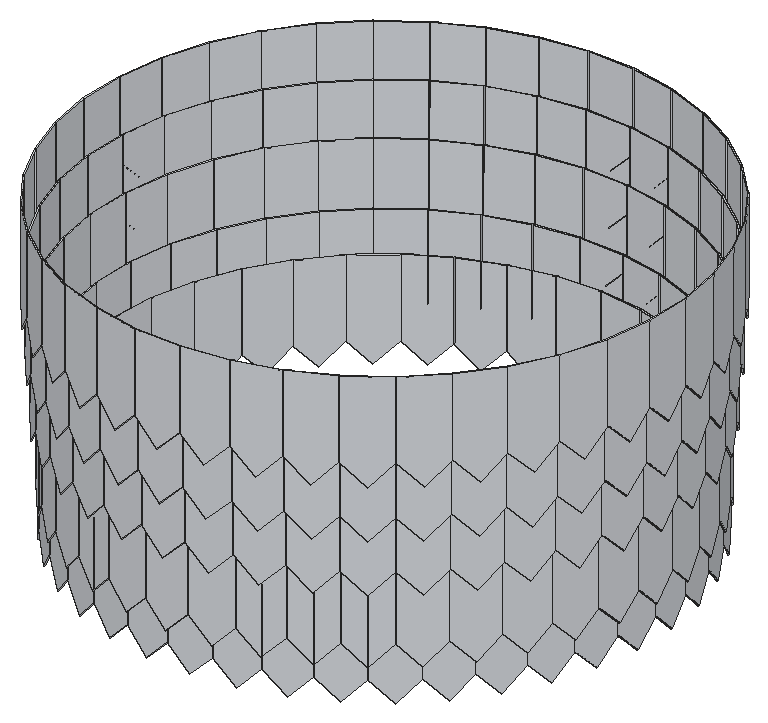
Revit family "Gen_Cultural Room Panel Cladding", category Generic Models, Revit 2022
Family settings
  Can host rebar = No
  Round Connector Dimension = Use Diameter
  Part Type = Normal
  Work Plane-Based = No
  Always vertical = Yes
  Cut with Voids When Loaded = Yes
  Maintain Annotation Orientation = No
  Shared = No
  Room Calculation Point = No
Parameters
  RadiusBASE = 3150 mm
  PanelHeight = 915 mm
  Panel Number = 40
  Material4 = none
  Material3 = none
  Material2 = none
  Material1 = none
  Material0 = none
  Height4 = 3000 mm
  Height3 = 2400 mm
  Height2 = 1800 mm
  Height1 = 1000 mm
  Height0 = 750 mm
  Default Elevation = 0 mm
  BasePanelAngle = (360.00° / Panel Number) / 2  # 4.50°
  Angle = 4.00°
Reference planes
  plane 1 "Center (Front/Back)": y = 0
  plane 2: z = 0
  plane 3 "Center (Left/Right)": x = 0
  plane 4 "Ceiling": z = 3620
Forms (mm)
  Extrusion 1, void
    sketch origin (0, 0, 0) x (1, 0, 0) y (0, 1, 0)
      loop
        line (-3911.274, 520) -> (-3911.274, -520) -> (3988.726, -520) -> (3988.726, 520) -> (-3911.274, 520)
    from 0 to 2125
Lines and regions (mm)
  reference lines
    curve 1: circle (0, 0, 0) r 3150 normal (0, 0, 1)
    curve 2: line (0, 0, 0) -> (282.453, 3588.902, 0)
Dimensions and locks
  "RadiusBASE": radius of curve 1
  "BasePanelAngle": angle curve 2 to plane 3 "Center (Left/Right)"
  aligned and locked: level to plane 2
Automatic sketch dimensions
  plane 1 "Center (Front/Back)" to curve 2 = 0 mm
  curve 2 to plane 3 "Center (Left/Right)" = 0 mm
  plane 1 "Center (Front/Back)" to curve 1 = 0 mm
  curve 1 to plane 3 "Center (Left/Right)" = 0 mm
  plane 1 "Center (Front/Back)" to Extrusion 1 sketch curve = 520 mm
  Extrusion 1 sketch curve to plane 3 "Center (Left/Right)" = 3911.274 mm
  plane 3 "Center (Left/Right)" to Extrusion 1 sketch curve = 3988.726 mm
  Extrusion 1 sketch curve to plane 1 "Center (Front/Back)" = 520 mm
Nested families
  nested 1: "Gen_Cultural Room Panel Ring" at (0, 0, 0), type "Gen_Cultural Room Panel Ring"
  nested 2: "Gen_Cultural Room Panel Ring" at (0, 0, 0) x (0.9877, -0.1564, 0) z (0, 0, 1), type "Gen_Cultural Room Panel Ring"
  nested 3: "Gen_Cultural Room Panel Ring" at (0, 0, 0) x (0.9511, -0.309, 0) z (0, 0, 1), type "Gen_Cultural Room Panel Ring"
  nested 4: "Gen_Cultural Room Panel Ring" at (0, 0, 0) x (0.891, -0.454, 0) z (0, 0, 1), type "Gen_Cultural Room Panel Ring"
  nested 5: "Gen_Cultural Room Panel Ring" at (0, 0, 0) x (0.809, -0.5878, 0) z (0, 0, 1), type "Gen_Cultural Room Panel Ring"
  nested 6: "Gen_Cultural Room Panel Ring" at (0, 0, 0) x (0.7071, -0.7071, 0) z (0, 0, 1), type "Gen_Cultural Room Panel Ring"
  nested 7: "Gen_Cultural Room Panel Ring" at (0, 0, 0) x (0.5878, -0.809, 0) z (0, 0, 1), type "Gen_Cultural Room Panel Ring"
  nested 8: "Gen_Cultural Room Panel Ring" at (0, 0, 0) x (0.454, -0.891, 0) z (0, 0, 1), type "Gen_Cultural Room Panel Ring"
  nested 9: "Gen_Cultural Room Panel Ring" at (0, 0, 0) x (0.309, -0.9511, 0) z (0, 0, 1), type "Gen_Cultural Room Panel Ring"
  nested 10: "Gen_Cultural Room Panel Ring" at (0, 0, 0) x (0.1564, -0.9877, 0) z (0, 0, 1), type "Gen_Cultural Room Panel Ring"
  nested 11: "Gen_Cultural Room Panel Ring" at (0, 0, 0) x (0, -1, 0) z (0, 0, 1), type "Gen_Cultural Room Panel Ring"
  nested 12: "Gen_Cultural Room Panel Ring" at (0, 0, 0) x (-0.1564, -0.9877, 0) z (0, 0, 1), type "Gen_Cultural Room Panel Ring"
  nested 13: "Gen_Cultural Room Panel Ring" at (0, 0, 0) x (-0.309, -0.9511, 0) z (0, 0, 1), type "Gen_Cultural Room Panel Ring"
  nested 14: "Gen_Cultural Room Panel Ring" at (0, 0, 0) x (-0.454, -0.891, 0) z (0, 0, 1), type "Gen_Cultural Room Panel Ring"
  nested 15: "Gen_Cultural Room Panel Ring" at (0, 0, 0) x (-0.5878, -0.809, 0) z (0, 0, 1), type "Gen_Cultural Room Panel Ring"
  nested 16: "Gen_Cultural Room Panel Ring" at (0, 0, 0) x (-0.7071, -0.7071, 0) z (0, 0, 1), type "Gen_Cultural Room Panel Ring"
  nested 17: "Gen_Cultural Room Panel Ring" at (0, 0, 0) x (-0.809, -0.5878, 0) z (0, 0, 1), type "Gen_Cultural Room Panel Ring"
  nested 18: "Gen_Cultural Room Panel Ring" at (0, 0, 0) x (-0.891, -0.454, 0) z (0, 0, 1), type "Gen_Cultural Room Panel Ring"
  nested 19: "Gen_Cultural Room Panel Ring" at (0, 0, 0) x (-0.9511, -0.309, 0) z (0, 0, 1), type "Gen_Cultural Room Panel Ring"
  nested 20: "Gen_Cultural Room Panel Ring" at (0, 0, 0) x (-0.9877, -0.1564, 0) z (0, 0, 1), type "Gen_Cultural Room Panel Ring"
  nested 21: "Gen_Cultural Room Panel Ring" at (0, 0, 0) x (-1, 0, 0) z (0, 0, 1), type "Gen_Cultural Room Panel Ring"
  nested 22: "Gen_Cultural Room Panel Ring" at (0, 0, 0) x (-0.9877, 0.1564, 0) z (0, 0, 1), type "Gen_Cultural Room Panel Ring"
  nested 23: "Gen_Cultural Room Panel Ring" at (0, 0, 0) x (-0.9511, 0.309, 0) z (0, 0, 1), type "Gen_Cultural Room Panel Ring"
  nested 24: "Gen_Cultural Room Panel Ring" at (0, 0, 0) x (-0.891, 0.454, 0) z (0, 0, 1), type "Gen_Cultural Room Panel Ring"
  nested 25: "Gen_Cultural Room Panel Ring" at (0, 0, 0) x (-0.809, 0.5878, 0) z (0, 0, 1), type "Gen_Cultural Room Panel Ring"
  nested 26: "Gen_Cultural Room Panel Ring" at (0, 0, 0) x (-0.7071, 0.7071, 0) z (0, 0, 1), type "Gen_Cultural Room Panel Ring"
  nested 27: "Gen_Cultural Room Panel Ring" at (0, 0, 0) x (-0.5878, 0.809, 0) z (0, 0, 1), type "Gen_Cultural Room Panel Ring"
  nested 28: "Gen_Cultural Room Panel Ring" at (0, 0, 0) x (-0.454, 0.891, 0) z (0, 0, 1), type "Gen_Cultural Room Panel Ring"
  nested 29: "Gen_Cultural Room Panel Ring" at (0, 0, 0) x (-0.309, 0.9511, 0) z (0, 0, 1), type "Gen_Cultural Room Panel Ring"
  nested 30: "Gen_Cultural Room Panel Ring" at (0, 0, 0) x (-0.1564, 0.9877, 0) z (0, 0, 1), type "Gen_Cultural Room Panel Ring"
  nested 31: "Gen_Cultural Room Panel Ring" at (0, 0, 0) x (0, 1, 0) z (0, 0, 1), type "Gen_Cultural Room Panel Ring"
  nested 32: "Gen_Cultural Room Panel Ring" at (0, 0, 0) x (0.1564, 0.9877, 0) z (0, 0, 1), type "Gen_Cultural Room Panel Ring"
  nested 33: "Gen_Cultural Room Panel Ring" at (0, 0, 0) x (0.309, 0.9511, 0) z (0, 0, 1), type "Gen_Cultural Room Panel Ring"
  nested 34: "Gen_Cultural Room Panel Ring" at (0, 0, 0) x (0.454, 0.891, 0) z (0, 0, 1), type "Gen_Cultural Room Panel Ring"
  nested 35: "Gen_Cultural Room Panel Ring" at (0, 0, 0) x (0.5878, 0.809, 0) z (0, 0, 1), type "Gen_Cultural Room Panel Ring"
  nested 36: "Gen_Cultural Room Panel Ring" at (0, 0, 0) x (0.7071, 0.7071, 0) z (0, 0, 1), type "Gen_Cultural Room Panel Ring"
  nested 37: "Gen_Cultural Room Panel Ring" at (0, 0, 0) x (0.809, 0.5878, 0) z (0, 0, 1), type "Gen_Cultural Room Panel Ring"
  nested 38: "Gen_Cultural Room Panel Ring" at (0, 0, 0) x (0.891, 0.454, 0) z (0, 0, 1), type "Gen_Cultural Room Panel Ring"
  nested 39: "Gen_Cultural Room Panel Ring" at (0, 0, 0) x (0.9511, 0.309, 0) z (0, 0, 1), type "Gen_Cultural Room Panel Ring"
  nested 40: "Gen_Cultural Room Panel Ring" at (0, 0, 0) x (0.9877, 0.1564, 0) z (0, 0, 1), type "Gen_Cultural Room Panel Ring"
Definition of nested family "Gen_Cultural Room Panel Ring"
  Parameters (values of type "Gen_Cultural Room Panel Ring")
    RadiusBASE = 3150 mm
    Radius4 = RadiusBASE + tan(Angle) * Height4  # 3359.78 mm
    Radius3 = RadiusBASE + tan(Angle) * Height3  # 3317.824 mm
    Radius2 = RadiusBASE + tan(Angle) * Height2  # 3275.868 mm
    Radius1 = RadiusBASE + tan(Angle) * Height1  # 3219.927 mm
    Radius0 = RadiusBASE + tan(Angle) * Height0  # 3202.445 mm
    PanelWidth4 = (pi() * Radius4 * 2) / (Panel Number)  # 527.753 mm
    PanelWidth3 = (pi() * Radius3 * 2) / (Panel Number)  # 521.163 mm
    PanelWidth2 = (pi() * Radius2 * 2) / (Panel Number)  # 514.572 mm
    PanelWidth0 = (pi() * Radius0 * 2) / (Panel Number)  # 503.039 mm
    PanelHeight = 915 mm
    PanelWidth1 = (pi() * Radius1 * 2) / (Panel Number)  # 505.785 mm
    Panel Number = 40
    Material4 = none
    Material3 = none
    Material2 = none
    Material1 = none
    Material0 = none
    Height4 = 3000 mm
    Height3 = 2400 mm
    Height2 = 1800 mm
    Height1 = 1000 mm
    Height0 = 750 mm
    Default Elevation = 0 mm
    BasePanelAngle = (360.00° / Panel Number) / 2  # 4.50°
    Angle = 4.00°
  Reference planes
    plane 1 "Center (Front/Back)": y = 0
    plane 2: z = 0
    plane 3 "Center (Left/Right)": x = 0
    plane 4 "Ceiling": z = 3000
    plane 5: z = 1000
    plane 6: z = 1800
    plane 7: z = 2400
    plane 8: z = 609.995
  Lines and regions (mm)
    reference lines
      curve 1: circle (0, 0, 0) r 3150 normal (0, 0, 1)
      curve 2: line (0, 0, 0) -> (282.453, 3588.902, 0)
  Dimensions and locks
    "Radius1": plane 1 "Center (Front/Back)" to nested 1
    "Height4": plane 4 "Ceiling" to level
    "Radius2": nested 2 to plane 1 "Center (Front/Back)"
    "Radius3": plane 1 "Center (Front/Back)" to nested 3
    "Radius4": curve 1 to nested 4
    "Height3": plane 7 to level
    "Height2": plane 6 to level
    "Height1": plane 5 to level
    plane 8 to curve 1 = 609.995 mm
    "Radius0": nested 5 to curve 2
    "RadiusBASE": radius of curve 1
    "BasePanelAngle": angle curve 2 to plane 3 "Center (Left/Right)"
    aligned and locked: level to plane 2
    aligned and locked: plane 3 "Center (Left/Right)" to nested 1
    aligned and locked: plane 8 to nested 5  (x2)
    aligned and locked: curve 2 to nested 5
    aligned and locked: plane 5 to nested 1  (x2)
    aligned and locked: plane 6 to nested 2  (x2)
    aligned and locked: plane 7 to nested 3  (x2)
    aligned and locked: plane 4 "Ceiling" to nested 4  (x2)
  Automatic sketch dimensions
    plane 1 "Center (Front/Back)" to curve 2 = 0 mm
    curve 2 to plane 3 "Center (Left/Right)" = 0 mm
    plane 1 "Center (Front/Back)" to curve 1 = 0 mm
    curve 1 to plane 3 "Center (Left/Right)" = 0 mm
  Nested families
    nested 1: "Gen_Cultural Room Panel" at (0, 3210.927, 1000), type "Gen_Cultural Room Panel 1"
      with Width 505.785 mm, Height 1000 mm
    nested 2: "Gen_Cultural Room Panel" at (0, 3266.868, 1800), type "Gen_Cultural Room Panel 2"
    nested 3: "Gen_Cultural Room Panel" at (0, 3308.824, 2400), type "Gen_Cultural Room Panel 3"
    nested 4: "Gen_Cultural Room Panel" at (0, 3350.78, 3000), type "Gen_Cultural Room Panel 4"
    nested 5: "Gen_Cultural Room Panel" at (250.555, 3183.601, 609.995) x (0.9969, -0.0785, 0) z (0, 0, 1), type "Gen_Cultural Room Panel 0"
  Definition of nested family "Gen_Cultural Room Panel"
    Parameters (values of type "Gen_Cultural Room Panel 0")
      Width = 503.039 mm
      Radius-Outer = Radius + 9 mm  # 3165.64 mm
      Radius = 3156.64 mm
      Material = none
      Height = 915 mm
      Default Elevation = 0 mm
    Types (5, lengths in mm): name | Width | Radius-Outer | Radius | Height
      Gen_Cultural Room Panel 0 | 503.039 | 3165.64 | 3156.64 | 915
      Gen_Cultural Room Panel 4 | 527.753 | 2959 | 2950 | 915
      Gen_Cultural Room Panel 3 | 521.163 | 2959 | 2950 | 915
      Gen_Cultural Room Panel 2 | 514.572 | 2959 | 2950 | 915
      Gen_Cultural Room Panel 1 | 507.982 | 3294.311 | 3285.311 | 1200
    Reference planes
      plane 1 "Center (Front/Back)": y = 0
      plane 2: z = 0
      plane 3 "Center (Left/Right)": x = 0
      plane 4: x = -251.519
      plane 5: x = 251.519
      plane 6: y = 9
      plane 7: z = 915
      plane 8: y = 59
    Forms (mm)
      Extrusion 1, solid, material <- "Material"
        sketch origin (0, 0, 0) x (1, 0, 0) y (0, 0, 1)
          loop
            line (-251.519, 915) -> (-251.519, 0) -> (0, -251.519) -> (251.519, 0) -> (251.519, 915) -> (-251.519, 915)
        from 0 to -59
      Extrusion 2, void
        sketch origin (0, 0, 0) x (1, 0, 0) y (0, 1, 0)
          loop
            line (-251.519, 0) -> (251.519, 0)
            arc (251.519, 0) -> (0, 10.036) -> (-251.519, 0) r 3156.64
          loop
            arc (-251.519, 9.029) -> (0, 19.036) -> (251.519, 9.029) r 3165.64
            line (251.519, 9.029) -> (251.519, 59) -> (-251.519, 59) -> (-251.519, 9.029)
        from -525.181 to 915
    Cuts and joins
      Extrusion 2 cuts Extrusion 1
    Dimensions and locks
      equal spacing: plane 4, plane 3 "Center (Left/Right)", plane 5
      "Width": plane 4 to plane 5
      plane 6 to plane 1 "Center (Front/Back)" = 9 mm
      "Height": plane 7 to plane 2
      locked: plane 8 to plane 6 at 50
      "Radius": radius of Extrusion 2 sketch curve
      "Radius-Outer": radius of Extrusion 2 sketch curve
      aligned and locked: level to plane 2
      aligned and locked: plane 7 to Extrusion 1
      aligned and locked: plane 1 "Center (Front/Back)" to Extrusion 1
      aligned and locked: plane 4 to Extrusion 2 sketch curve
      aligned and locked: Extrusion 2 sketch curve to plane 5
      aligned and locked: plane 1 "Center (Front/Back)" to Extrusion 2
      aligned and locked: plane 8 to Extrusion 2
      aligned and locked: plane 8 to Extrusion 1
      aligned and locked: Extrusion 2 to Extrusion 1
    Automatic sketch dimensions
      Extrusion 1 sketch curve to plane 4 = 0 mm
      Extrusion 1 sketch curve to level = 0 mm  (x2)
      Extrusion 1 sketch curve to plane 3 "Center (Left/Right)" = 0 mm
      level to Extrusion 1 sketch curve = 915 mm
      Extrusion 1 sketch curve to plane 5 = 0 mm
      Extrusion 2 sketch curve to Extrusion 2 sketch curve = 0 mm  (x2)
      plane 1 "Center (Front/Back)" to Extrusion 2 sketch curve = 0 mm  (x3)
      Extrusion 2 sketch curve to plane 4 = 0 mm  (x2)
      Extrusion 2 sketch curve to plane 3 "Center (Left/Right)" = 0 mm
      Extrusion 2 sketch curve to plane 5 = 0 mm
      Extrusion 2 sketch curve to plane 8 = 0 mm
